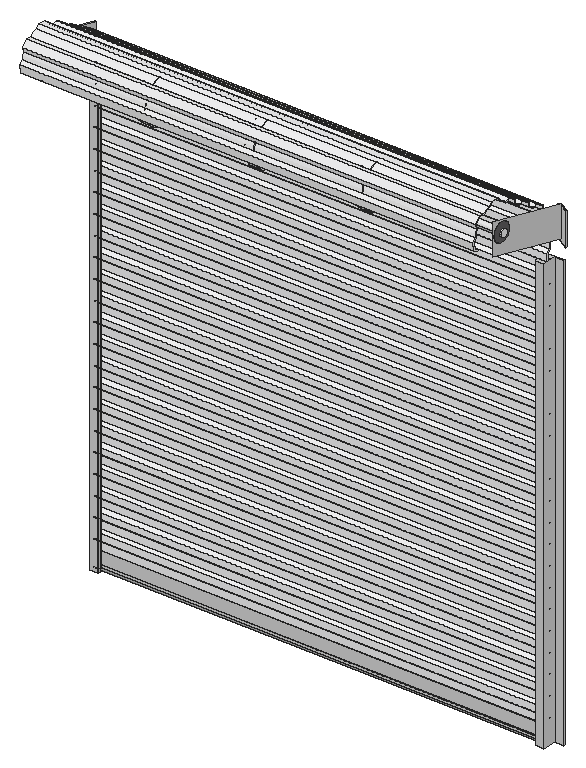
Revit family "Doors_Industrial_Wayne-Dalton_Light-Commercial-Roll-Up-Counter-Door-Model-DS-50_", category Specialty Equipment, host Wall, Revit 2019
Family settings
  Host = Wall
  Round Connector Dimension = Use Diameter
  Part Type = Normal
  OmniClass Number = 23.30.10.21.34
  OmniClass Title = Industrial Doors
  Always vertical = Yes
  Cut with Voids When Loaded = No
  Shared = No
  Room Calculation Point = No
Parameters (values of type "Manual push-up")
  True Opening Width [instance] = Clear Width  # 72"
  True Opening Height [instance] = Clear Height  # 72"
  Slat to Wall Offset = 1 35/64"  # constant formula
  Slat Height [instance] = if(Curtain Option Real = 1, 3 7/32" * 3, 3 41/256" * 3)  # 9 21/32"
  Shaft to Slat Distance [instance] = Backroom Depth - Slat to Wall Offset - BR Shaft Distance  # 11 9/256"
  Product Page URL = "https://www.wayne-dalton.com/roll-up-sheet-door-ds50"
  Slat Length [instance] = [Opening Width (Real)] + 1/4" * 2 + 1 77/256" * 2  # 75 13/128"
  Opening Width [instance] = 72"
  Opening Height [instance] = 72"
  Min Opening Width [instance] = 34"  # constant formula
  Min Opening Height [instance] = 36"  # constant formula
  Max Opening Width [instance] = 144"  # constant formula
  Max Opening Height [instance] = 72"  # constant formula
  Headroom Height [instance] = 14"  # constant formula
  Opening Width (Real) [instance] = if(Opening Width < Min Opening Width, Min Opening Width, if(Opening Width > Max Opening Width, Max Opening Width, Opening Width))  # 72"
  Opening Height (Real) [instance] = if(Opening Height < Min Opening Height, Min Opening Height, if(Opening Height > Max Opening Height, Max Opening Height, Opening Height))  # 72"
  URL = "https://www.wayne-dalton.com/"
  Product data url = "https://www.bimobject.com/wayne-dalton/product/roll-up-sheet-door-ds50"
  Product Guid = "c54daa81-a586-42c4-a279-c2612f196f0a"
  Model = "DS-50"  # constant formula
  Manufacturer = "Wayne Dalton"  # constant formula
  Wall Closure = By host
  Floor To (CL) of Shaft [instance] = [Opening Height (Real)] + 9 149/256"  # 81 149/256"
  Finish Material = Metal - Wayne Dalton - Galvanized Steel
  Description = "Model DS-50 Light Commercial Roll-Up Shutter"  # constant formula
  Curtain Type [instance] = if(Curtain Option Real = 1, "Square Profile", "Round Profile")  # "Square Profile"
  Curtain Option Real [instance] = if(Curtain Option < 2, 1, 2)  # 1
  Curtain Option [instance] = 1
  Curtain Material [instance] = Steel - Wayne Dalton - White
  Connection Offset [instance] = [Floor To (CL) of Shaft] - Array Length - 1 3/16" + 21/256" + 1/256"  # 3 59/256"
  Clear Width [instance] = [Opening Width (Real)]  # 72"
  Clear Height [instance] = [Opening Height (Real)]  # 72"
  Backroom Depth [instance] = 17"  # constant formula
  BR Shaft Distance = 4 107/256"  # constant formula
  Array Length [instance] = (Array) * Slat Height  # 77 1/4"
  Array [instance] = rounddown(([Opening Height (Real)] - 1 3/16" + 7 113/256") / Slat Height)  # 8
  Ad Slat Height [instance] = if(Curtain Option Real = 1, 3 7/32", 3 41/256")  # 3 7/32"
  Ad Slat 2 [instance] = if(Connection Offset > Ad Slat Height * 2 + 2 9/64", 1 = 1, 1 = 2)  # no
  Ad Slat 1 [instance] = if(Connection Offset > Ad Slat Height + 2 9/64", 1 = 1, 1 = 2)  # no
Reference planes (in)
  plane 1 "Center (Front/Back)": y = 0
  plane 2 "Center (Left/Right)": x = 0
  plane 3 "Left": x = -50
  plane 4 "Right": x = 50
  plane 5 "Exterior": y = 1.5
  plane 6 "Interior": y = -4.5
  plane 7: x = 36
  plane 8: x = -36
  plane 9: z = 72
  plane 10 "Top": z = 86
  plane 11 "Main": y = -5.75
  plane 12: y = -21.5
  plane 13 "Main Door Block": y = -4.5
  plane 14: z = 47.47
  plane 15 "Bottom Bar": z = 1.1046
  plane 16: x = 38.5
  plane 17: x = -38.5
  plane 18: y = -5.253
  plane 19: y = -6.048
  plane 20: z = 78.3546
  plane 21: z = 81.58203
  plane 22: z = 10.76085
  plane 23: z = 81.57335
  plane 24: y = -17.08203
Lines and regions (in)
  Opening 1
    outline origin (-90, -4.5, 0) x (1, 0, 0) y (0, 0, 1)
      loop
        line (54, 0) -> (126, 0) -> (126, 72) -> (54, 72) -> (54, 0)
Text (in)
  text "Exterior" at (-74.96733, 27.31104, 0), in view "Ref. Level"
  text "Interior" at (-74.96733, -25.14366, 0), in view "Ref. Level"
  text "Exterior" at (0, 40.15149, 123.01588), in view "Right"
  text "Interior" at (0, -64.39139, 123.01588), in view "Right"
  text "Interior" at (0, -31.01599, 123.00693), in view "Left"
  text "Exterior" at (0, 54.57065, 123.00693), in view "Left"
Dimensions and locks (in)
  equal spacing: plane 3 "Left", plane 2 "Center (Left/Right)", plane 4 "Right"
  level to host wall = 459.59655"
  "Opening Height (Real)": level to plane 9
  plane 8 to plane 2 "Center (Left/Right)" to plane 7 = 36", 36"
  "Headroom Height": plane 9 to plane 10 "Top"
  locked: plane 13 "Main Door Block" to plane 11 "Main" at 1.25
  locked: plane 1 "Center (Front/Back)" to plane 6 "Interior" at 4.5
  locked: plane 8 to plane 17 at 2.5
  locked: plane 16 to plane 7 at 2.5
  locked: plane 5 "Exterior" to plane 1 "Center (Front/Back)" at 1.5
  equal spacing: plane 7, plane 2 "Center (Left/Right)", plane 8
  locked: plane 18 to plane 11 "Main" at 0.497
  "Opening Width (Real)": plane 7 to plane 8
  "Backroom Depth": plane 12 to plane 6 "Interior"
  locked: plane 11 "Main" to plane 19 at 0.298
  plane 19 to plane 11 "Main" = 0.298"
  locked: plane 15 "Bottom Bar" to level at 1.1046
  "Array Length": plane 20 to plane 15 "Bottom Bar"
  nested 1 to nested 1 = 1/4"
  "Floor To (CL) of Shaft": plane 21 to level
  "Slat Height": plane 22 to plane 15 "Bottom Bar"
  equal spacing: group 1, group 2, group 3, group 4, group 5, group 6, group 7, group 8  (x3)
  "Ad Slat Height": plane 23 to plane 20
  plane 19 to plane 13 "Main Door Block" = 1.548"
  "BR Shaft Distance": plane 12 to plane 24
  plane 13 "Main Door Block" to nested 2 = 1.548"
  nested 2 to nested 2 = 0.13312"
  aligned and locked: Opening 1 sketch curve to level
  aligned and locked: plane 5 "Exterior" to host wall
  aligned and locked: host wall to plane 6 "Interior"
  aligned and locked: plane 8 to Opening 1 sketch curve
  aligned and locked: plane 7 to Opening 1 sketch curve
  aligned and locked: Opening 1 sketch curve to plane 9
  aligned and locked: nested 1 to plane 6 "Interior"
  aligned and locked: nested 1 to plane 2 "Center (Left/Right)"
  aligned and locked: level to nested 1
  aligned and locked: plane 13 "Main Door Block" to plane 6 "Interior"
  aligned and locked: plane 15 "Bottom Bar" to nested 2
  aligned and locked: plane 22 to nested 3
  aligned and locked: plane 19 to nested 2
  aligned and locked: plane 19 to nested 3
  aligned and locked: plane 2 "Center (Left/Right)" to nested 2
  aligned and locked: plane 2 "Center (Left/Right)" to nested 3
  aligned and locked: plane 20 to nested 10
  aligned and locked: plane 19 to nested 10
  aligned and locked: plane 2 "Center (Left/Right)" to nested 10
  aligned and locked: plane 23 to nested 11
  aligned and locked: plane 19 to nested 11
  aligned and locked: plane 2 "Center (Left/Right)" to nested 11
  aligned and locked: plane 21 to nested 12
  aligned and locked: plane 24 to nested 12
  aligned and locked: plane 2 "Center (Left/Right)" to nested 12
Nested families (in)
  nested 1: "Lifts1" at (0, -4.5, 0) x (-1, 0, 0) z (0, 0, 1), type "Frame Unit"
  nested 2: "Slat" at (0, -6.048, 1.1046), type "Slat"
    with Sq Option yes, Slat Height 9.66", R Option no, Curtain Option 1
  nested 3: "Slat" at (0, -6.048, 10.76085), type "Slat"
    with Sq Option yes, Slat Height 9.66", R Option no, Curtain Option 1
  nested 4: "Slat" at (0, -6.048, 20.4171), type "Slat"
    with Sq Option yes, Slat Height 9.66", R Option no, Curtain Option 1
  nested 5: "Slat" at (0, -6.048, 30.07335), type "Slat"
    with Sq Option yes, Slat Height 9.66", R Option no, Curtain Option 1
  nested 6: "Slat" at (0, -6.048, 39.7296), type "Slat"
    with Sq Option yes, Slat Height 9.66", R Option no, Curtain Option 1
  nested 7: "Slat" at (0, -6.048, 49.38585), type "Slat"
    with Sq Option yes, Slat Height 9.66", R Option no, Curtain Option 1
  nested 8: "Slat" at (0, -6.048, 59.0421), type "Slat"
    with Sq Option yes, Slat Height 9.66", R Option no, Curtain Option 1
  nested 9: "Slat" at (0, -6.048, 68.69835), type "Slat"
    with Sq Option yes, Slat Height 9.66", R Option no, Curtain Option 1
  nested 10: "AdSlat" at (0, -6.048, 78.3546), visible <- "Ad Slat 1", type "AdSlat"
    with Sq Option yes, Slat Height 3.22", R Option no, Curtain Option 1
  nested 11: "AdSlat" at (0, -6.048, 81.57335), visible <- "Ad Slat 2", type "AdSlat"
    with Sq Option yes, Slat Height 3.22", R Option no, Curtain Option 1
  nested 12: "Top Slat" at (0, -17.08203, 81.58203), type "Top Slat"
    with Sq 1 yes, Slat Height 3 7/32", R 1 no, Primar Offset 3 59/256", Curtain Option 1
Definition of nested family "Lifts1"
  Parameters (values of type "Frame Unit")
    Steel Support Outter Radius = 4.418" - 5/8"  # 3.793"
    Shaft Radius = 0.563"  # constant formula
    Shaft Material = none
    Setback = 1/4"  # constant formula
    Right Shaft Offset = 3 1/4"
    Resin Stopper Radius = 1 1/2"  # constant formula
    Resin Elements Material = none
    Opening Width = 72"
    Left Shaft Offset = 3 1/4"
    J Offset = Header Width - 4.418"  # 12.582"
    Headroom Height = 14"
    Header Width = 17"
    Guide Width R Real = Guid Width + Setback  # 3 1/4"
    Guide Width L Real = Guid Width + Setback  # 3 1/4"
    Guide Second Part Position = 1.43"  # constant formula
    Guid Width = 3"
    Opening Height = 72"
    Floor To (CL) of Shaft = 81 149/256"
    Finish Material = none
    Connection Brackets = 5 1/4"  # constant formula
    Bottom Bar Offset = 1.652"  # constant formula
    Analytic Construction = "<None>"
  Reference planes (in)
    plane 1 "Center (Front/Back)": y = 0
    plane 2: z = 0
    plane 3 "Center (Left/Right)": x = 0
    plane 4 "Left": x = -36
    plane 5 "Right": x = 36
    plane 6 "Opening Height": z = 72
    plane 7: x = -39.25
    plane 8: x = 39.25
    plane 9: z = 86
    plane 10: y = 17
    plane 11: x = -18
    plane 12: x = 18
    plane 13: z = 81.58203
    plane 14: y = 12.582
    plane 15: x = -37.55
    plane 16: x = 37.55
    plane 17: x = 39.25
    plane 18: x = -39.25
  Forms (in)
    Extrusion 1, solid, material <- "Finish Material"
      sketch origin (0, 0, 0) x (1, 0, 0) y (0, 1, 0)
        loop
          line (-39.25, 0) -> (-36.375, 0)
          arc (-36.375, 0) -> (-36.28661, 0.03661) -> (-36.25, 0.125) r 0.125
          line (-36.25, 0.125) -> (-36.25, 0.625)
          arc (-36.25, 0.625) -> (-36.26831, 0.66919) -> (-36.3125, 0.6875) r 0.0625
          line (-36.3125, 0.6875) -> (-37.55, 0.6875) -> (-37.55, 1.78125) -> (-36.325, 1.78125)
          arc (-36.325, 1.78125) -> (-36.27197, 1.80322) -> (-36.25, 1.85625) r 0.075
          line (-36.25, 1.85625) -> (-36.25, 2.21875)
          arc (-36.25, 2.21875) -> (-36.28661, 2.30714) -> (-36.375, 2.34375) r 0.125
          line (-36.375, 2.34375) -> (-37.68, 2.34375) -> (-37.68, 0.13) -> (-39.25, 0.13) -> (-39.25, 0)
        loop
          line (39.25, 0) -> (39.25, 0.13) -> (37.68, 0.13) -> (37.68, 2.34375) -> (36.3625, 2.34375)
          arc (36.3625, 2.34375) -> (36.28295, 2.3108) -> (36.25, 2.23125) r 0.1125
          line (36.25, 2.23125) -> (36.25, 1.85625)
          arc (36.25, 1.85625) -> (36.27197, 1.80322) -> (36.325, 1.78125) r 0.075
          line (36.325, 1.78125) -> (37.55, 1.78125) -> (37.55, 0.6875) -> (36.3125, 0.6875)
          arc (36.3125, 0.6875) -> (36.26831, 0.66919) -> (36.25, 0.625) r 0.0625
          line (36.25, 0.625) -> (36.25, 0.125)
          arc (36.25, 0.125) -> (36.28661, 0.03661) -> (36.375, 0) r 0.125
          line (36.375, 0) -> (39.25, 0)
      from 72 to 0
    Extrusion 2, solid, material <- "Finish Material"
      sketch origin (0, 0, 0) x (0, 1, 0) y (0, 0, 1)
        loop
          line (1.652, 1) -> (1.652, 3) -> (1.5475, 3) -> (1.5475, 1.1046) -> (0.152, 1.1046) -> (0.152, 1) -> (1.652, 1)
      from -37.55 to 37.55
    Extrusion 3, solid, material <- "Finish Material"
      sketch origin (0, 0, 0) x (0, 1, 0) y (0, 0, 1)
        loop
          line (0.73437, 1) -> (0.73437, 0.5)
          arc (0.73437, 0.5) -> (1.23437, 0) -> (1.73437, 0.5) r 0.5
          line (1.73437, 0.5) -> (1.73437, 1) -> (0.73437, 1)
      from -37.55 to 37.55
    Extrusion 4, solid, material <- "Shaft Material"
      sketch origin (0, 0, 0) x (0, 1, 0) y (0, 0, 1)
        loop
          circle (12.582, 81.58203) r 0.563
      from -39.25 to 39.25
    Extrusion 5, solid, material <- "Finish Material"
      sketch origin (-39.25, 0, 75.60557) x (0, 0, 1) y (-1, 0, 0)
        loop
          line (-0.70563, -77.75) -> (-1.57492, -78.75) -> (3.83986, -78.75) -> (4.54437, -77.88) -> (4.54437, -77.75) -> (-0.70563, -77.75)
        loop
          line (-0.70563, -0.75) -> (4.54437, -0.75) -> (4.54437, -0.62) -> (3.83986, 0.25) -> (-1.57492, 0.25) -> (-0.70563, -0.75)
      from 0 to -0.13
    Extrusion 6, solid, material <- "Finish Material"
      sketch origin (-39.25, 0, 72) x (0, 0, 1) y (0, -1, 0)
        loop
          line (11.66098, -14.082) -> (8.14994, 0) -> (2.99687, 0) -> (6.50791, -14.082) -> (11.66098, -14.082)
      from 0.62 to 0.75
    Extrusion 7, solid, material <- "Finish Material"
      sketch origin (39.25, 0, 72) x (0, 0, 1) y (0, -1, 0)
        loop
          line (11.66098, -14.082) -> (8.14994, 0) -> (2.99687, 0) -> (6.50791, -14.082) -> (11.66098, -14.082)
      from -0.62 to -0.75
    Extrusion 8, solid, material <- "Resin Elements Material"
      sketch origin (-39.25, 0, 72) x (0, 0, 1) y (0, -1, 0)
        loop
          circle (9.58203, -12.582) r 1.5
      from 0.37 to 0.62
    Extrusion 9, solid, material <- "Resin Elements Material"
      sketch origin (39.25, 0, 72) x (0, 0, 1) y (0, -1, 0)
        loop
          circle (9.58203, -12.582) r 1.5
      from -0.37 to -0.62
    Extrusion 10, void
      sketch origin (0, 0, 0) x (1, 0, 0) y (0, 1, 0)
        loop
          line (36, -0.3125) -> (37.55, -0.3125) -> (37.55, 0.6875) -> (36, 0.6875) -> (36, -0.3125)
        loop
          line (-36, -0.3125) -> (-36, 0.6875) -> (-37.55, 0.6875) -> (-37.55, -0.3125) -> (-36, -0.3125)
      from 0 to 2.125
    Extrusion 11, solid, material <- "Shaft Material"
      sketch origin (18, -180, 76.25522) x (0, 0, 1) y (0, -1, 0)
        loop
          circle (5.32681, -192.582) r 3.793
        loop
          circle (5.32681, -192.582) r 0.563
      from -0.753 to 0.753
    Extrusion 12, solid, material <- "Shaft Material"
      sketch origin (0, 0, 0) x (0, 1, 0) y (0, 0, 1)
        loop
          circle (12.582, 81.58203) r 3.793
        loop
          circle (12.582, 81.58203) r 0.563
      from -0.753 to 0.753
    Extrusion 13, solid, material <- "Shaft Material"
      sketch origin (-18, -180, -24) x (0, 0, -1) y (0, -1, 0)
        loop
          circle (-105.58203, -192.582) r 3.793
        loop
          circle (-105.58203, -192.582) r 0.563
      from -0.753 to 0.753
  Cuts and joins
    joined: Extrusion 5, Extrusion 6, Extrusion 7
    Extrusion 10 cuts Extrusion 2
  Lines and regions (in)
    Masking region 1
      outline origin (0, 0, 0) x (1, 0, 0) y (0, 1, 0)
        loop
          line (-38.88, 14.082) -> (-38.88, 11.082) -> (-38.63, 11.082) -> (-38.63, 14.082) -> (-38.88, 14.082)
        loop
          line (38.88, 11.082) -> (38.88, 14.082) -> (38.63, 14.082) -> (38.63, 11.082) -> (38.88, 11.082)
    Masking region 2
      outline origin (0, 0, 0) x (1, 0, 0) y (0, 1, 0)
        loop
          line (-38.63, 14.082) -> (-38.63, 0.13) -> (-39.5, 0.13) -> (-39.5, 0) -> (-38.5, 0) -> (-38.5, 14.082) -> (-38.63, 14.082)
        loop
          line (38.63, 0.13) -> (38.63, 14.082) -> (38.5, 14.082) -> (38.5, 0) -> (39.5, 0) -> (39.5, 0.13) -> (38.63, 0.13)
        loop
          line (-38.88, 13.145) -> (-39.25, 13.145) -> (-39.25, 12.019) -> (-38.88, 12.019) -> (-38.88, 13.145)
        loop
          line (38.88, 12.019) -> (39.25, 12.019) -> (39.25, 13.145) -> (38.88, 13.145) -> (38.88, 12.019)
    Masking region 3
      outline origin (0, 0, 0) x (1, 0, 0) y (0, 1, 0)
        loop
          line (-36.375, 2.34375) -> (-37.68, 2.34375) -> (-37.68, 0.13) -> (-38.5, 0.13) -> (-38.5, 0) -> (-36.375, 0)
          arc (-36.375, 0) -> (-36.28661, 0.03661) -> (-36.25, 0.125) r 0.125
          line (-36.25, 0.125) -> (-36.25, 0.625)
          arc (-36.25, 0.625) -> (-36.26831, 0.66919) -> (-36.3125, 0.6875) r 0.0625
          line (-36.3125, 0.6875) -> (-37.55, 0.6875) -> (-37.55, 1.78125) -> (-36.325, 1.78125)
          arc (-36.325, 1.78125) -> (-36.27197, 1.80322) -> (-36.25, 1.85625) r 0.075
          line (-36.25, 1.85625) -> (-36.25, 2.21875)
          arc (-36.25, 2.21875) -> (-36.28661, 2.30714) -> (-36.375, 2.34375) r 0.125
        loop
          line (37.55, 1.78125) -> (37.55, 0.6875) -> (36.3125, 0.6875)
          arc (36.3125, 0.6875) -> (36.26831, 0.66919) -> (36.25, 0.625) r 0.0625
          line (36.25, 0.625) -> (36.25, 0.125)
          arc (36.25, 0.125) -> (36.28661, 0.03661) -> (36.375, 0) r 0.125
          line (36.375, 0) -> (38.5, 0) -> (38.5, 0.13) -> (37.68, 0.13) -> (37.68, 2.34375) -> (36.3625, 2.34375)
          arc (36.3625, 2.34375) -> (36.28295, 2.3108) -> (36.25, 2.23125) r 0.1125
          line (36.25, 2.23125) -> (36.25, 1.85625)
          arc (36.25, 1.85625) -> (36.27197, 1.80322) -> (36.325, 1.78125) r 0.075
          line (36.325, 1.78125) -> (37.55, 1.78125)
    Masking region 4
      outline origin (0, 0, 0) x (1, 0, 0) y (0, 1, 0)
        loop
          line (-39.25, 12.019) -> (39.25, 12.019) -> (39.25, 13.145) -> (-39.25, 13.145) -> (-39.25, 12.019)
    reference lines
      curve 1: line (39.25, 0, 72) -> (39.25, 0, 81.583)
      curve 2: line (-39.25, 0, 72) -> (-39.25, 0, 81.583)
  Dimensions and locks (in)
    equal spacing: plane 4 "Left", plane 3 "Center (Left/Right)", plane 5 "Right"
    "Opening Width": plane 4 "Left" to plane 5 "Right"
    "Opening Height": plane 6 "Opening Height" to level
    "Guide Width L Real": Extrusion 1 sketch curve to plane 4 "Left"
    locked: Extrusion 1 sketch curve to Extrusion 1 sketch curve at 2.34375
    "Headroom Height": plane 9 to plane 6 "Opening Height"
    plane 10 to plane 1 "Center (Front/Back)" = 17"
    "Header Width": plane 10 to plane 1 "Center (Front/Back)"
    locked: Extrusion 1 sketch curve to Extrusion 1 sketch curve at 0.5625
    locked: Extrusion 1 sketch curve to Extrusion 1 sketch curve at 0.6875
    locked: Extrusion 3 sketch curve to level at 1
    locked: Extrusion 10 sketch curve to plane 1 "Center (Front/Back)" at 0.3125  (x2)
    locked: plane 1 "Center (Front/Back)" to Extrusion 10 sketch curve at 0.6875
    equal spacing: plane 4 "Left", plane 11, plane 3 "Center (Left/Right)"
    equal spacing: plane 5 "Right", plane 12, plane 3 "Center (Left/Right)"
    "Floor To (CL) of Shaft": plane 13 to plane 2
    "J Offset": plane 14 to plane 1 "Center (Front/Back)"
    locked: curve 1 to curve 1 at 9.583
    locked: curve 2 to curve 2 at 9.583
    "Setback": Extrusion 1 sketch curve to plane 4 "Left"
    locked: Extrusion 1 sketch curve to Extrusion 1 sketch curve at 1.3
    Extrusion 1 sketch curve to Extrusion 1 sketch curve = 1.3"
    "Setback": plane 5 "Right" to Extrusion 1 sketch curve
    "Guide Width R Real": plane 5 "Right" to Extrusion 1 sketch curve
    locked: plane 15 to plane 4 "Left" at 1.55
    locked: plane 5 "Right" to plane 16 at 1.55
    "Guide Width R Real": plane 5 "Right" to plane 17
    "Guide Width L Real": plane 18 to plane 4 "Left"
    "Left Shaft Offset": plane 7 to plane 4 "Left"
    "Right Shaft Offset": plane 5 "Right" to plane 8
    equal spacing: Masking region 1 sketch curve, plane 14, Masking region 1 sketch curve
    "Resin Stopper Radius": plane 14 to Masking region 1 sketch curve
    equal spacing: Masking region 2 sketch curve, plane 14, Masking region 2 sketch curve  (x2)
    "Shaft Radius": plane 14 to Masking region 2 sketch curve
    "Shaft Radius": Masking region 2 sketch curve to plane 14
    locked: plane 1 "Center (Front/Back)" to Extrusion 3 sketch curve at 0.73437
    locked: Extrusion 3 sketch curve to Extrusion 3 sketch curve at 1
    locked: plane 14 to Extrusion 7 sketch curve at 1.5
    locked: plane 14 to Extrusion 6 sketch curve at 1.5
    locked: Extrusion 5 sketch curve to curve 1 at 0.75
    locked: Extrusion 5 sketch curve to curve 2 at 0.75
    locked: plane 13 to Extrusion 7 sketch curve at 1.43209
    locked: plane 13 to Extrusion 6 sketch curve at 1.43209
    locked: Extrusion 6 sketch curve to Extrusion 6 sketch curve at 5
    locked: Extrusion 5 sketch curve to Extrusion 5 sketch curve at 1  (x2)
    locked: Extrusion 5 sketch curve to Extrusion 5 sketch curve at 0.13  (x2)
    locked: Extrusion 7 sketch curve to plane 13 at 2.07895
    locked: Extrusion 7 sketch curve to Extrusion 7 sketch curve at 5
    locked: Extrusion 6 sketch curve to plane 13 at 2.07895
    locked: plane 13 to Extrusion 5 sketch curve at 1.43209  (x2)
    "Connection Brackets": Extrusion 5 sketch curve to Extrusion 5 sketch curve  (x2)
    "Guide Second Part Position": Extrusion 1 sketch curve to Extrusion 1 sketch curve  (x2)
    locked: Extrusion 1 sketch curve to Extrusion 1 sketch curve at 0.13  (x2)
    locked: Extrusion 2 sketch curve to Extrusion 2 sketch curve at 1.5
    locked: Extrusion 2 sketch curve to level at 1
    Extrusion 2 sketch curve to Extrusion 2 sketch curve = 2"
    locked: Extrusion 2 sketch curve to Extrusion 2 sketch curve at 0.1046
    locked: Extrusion 2 sketch curve to Extrusion 2 sketch curve at 0.1045
    "Bottom Bar Offset": plane 1 "Center (Front/Back)" to Extrusion 2 sketch curve
    locked: Extrusion 3 sketch curve to level at 0.5
    plane 9 to plane 13 = 4 107/256"
    equal spacing: Masking region 4 sketch curve, plane 14, Masking region 4 sketch curve
    "Shaft Radius": Masking region 4 sketch curve to plane 14
    radius of Extrusion 1 sketch curve = 1/16"  (x2)
    radius of Extrusion 1 sketch curve = 1/8"  (x3)
    radius of Extrusion 1 sketch curve = 0.075"  (x2)
    radius of Extrusion 1 sketch curve = 0.1125"
    "Shaft Radius": radius of Extrusion 4 sketch curve
    "Resin Stopper Radius": radius of Extrusion 8 sketch curve
    "Resin Stopper Radius": radius of Extrusion 9 sketch curve
    "Shaft Radius": radius of Extrusion 11 sketch curve
    "Steel Support Outter Radius": radius of Extrusion 11 sketch curve
    "Shaft Radius": radius of Extrusion 12 sketch curve
    "Steel Support Outter Radius": radius of Extrusion 12 sketch curve
    "Shaft Radius": radius of Extrusion 13 sketch curve
    "Steel Support Outter Radius": radius of Extrusion 13 sketch curve
    locked: Extrusion 5 sketch curve to Extrusion 5 sketch curve (angle 129.00°)  (x2)
    locked: Extrusion 5 sketch curve to Extrusion 5 sketch curve (angle 131.00°)  (x2)
    aligned and locked: plane 2 to level
    aligned and locked: plane 1 "Center (Front/Back)" to Extrusion 1 sketch curve
    aligned and locked: Extrusion 1 sketch curve to plane 1 "Center (Front/Back)"
    aligned and locked: Extrusion 1 sketch curve to Extrusion 1 sketch curve  (x5)
    aligned and locked: plane 7 to Extrusion 4
    aligned and locked: Extrusion 4 to plane 8
    aligned and locked: plane 6 "Opening Height" to Extrusion 1
    aligned and locked: Extrusion 10 sketch curve to plane 5 "Right"
    aligned and locked: Extrusion 10 sketch curve to plane 4 "Left"
    aligned and locked: Extrusion 10 sketch curve to Extrusion 10 sketch curve
    aligned and locked: plane 13 to Extrusion 4 sketch curve
    aligned and locked: plane 14 to Extrusion 4 sketch curve
    aligned and locked: plane 14 to Extrusion 8 sketch curve
    aligned and locked: plane 13 to Extrusion 8 sketch curve
    aligned and locked: plane 14 to Extrusion 9 sketch curve
    aligned and locked: plane 13 to Extrusion 9 sketch curve
    aligned and locked: plane 6 "Opening Height" to curve 1
    aligned and locked: plane 6 "Opening Height" to curve 2
    aligned and locked: Extrusion 10 sketch curve to plane 15
    aligned and locked: plane 15 to Extrusion 3
    aligned and locked: plane 15 to cut or joined group of Extrusion 2, Extrusion 10
    aligned and locked: Extrusion 3 to plane 16
    aligned and locked: cut or joined group of Extrusion 2, Extrusion 10 to plane 16
    aligned and locked: Extrusion 10 sketch curve to plane 16
    aligned and locked: curve 1 to plane 17
    aligned and locked: curve 2 to plane 18
    aligned and locked: Masking region 1 sketch curve to Extrusion 8  (x2)
    aligned and locked: Masking region 1 sketch curve to Extrusion 9  (x2)
    aligned and locked: Masking region 1 sketch curve to Masking region 1 sketch curve  (x2)
    aligned and locked: cut or joined group of Extrusion 5, Extrusion 6, Extrusion 7 to Masking region 2 sketch curve  (x5)
    aligned and locked: Masking region 2 sketch curve to cut or joined group of Extrusion 5, Extrusion 6, Extrusion 7  (x7)
    aligned and locked: Extrusion 1 to Masking region 3 sketch curve  (x2)
    aligned and locked: Masking region 3 sketch curve to Extrusion 1  (x14)
    aligned and locked: plane 1 "Center (Front/Back)" to Extrusion 7 sketch curve
    aligned and locked: plane 1 "Center (Front/Back)" to Extrusion 6 sketch curve
    aligned and locked: Masking region 2 sketch curve to plane 8
    aligned and locked: plane 7 to Masking region 2 sketch curve
    aligned and locked: Extrusion 8 to Masking region 2 sketch curve
    aligned and locked: Extrusion 9 to Masking region 2 sketch curve
    aligned and locked: Masking region 3 sketch curve to cut or joined group of Extrusion 5, Extrusion 6, Extrusion 7
    aligned and locked: cut or joined group of Extrusion 5, Extrusion 6, Extrusion 7 to Masking region 3 sketch curve
    aligned and locked: plane 14 to Extrusion 12 sketch curve  (x2)
    aligned and locked: plane 13 to Extrusion 12 sketch curve  (x2)
    aligned and locked: plane 13 to Extrusion 11 sketch curve  (x2)
    aligned and locked: plane 14 to Extrusion 11 sketch curve  (x2)
    aligned and locked: plane 14 to Extrusion 13 sketch curve  (x2)
    aligned and locked: plane 13 to Extrusion 13 sketch curve  (x2)
    aligned and locked: Masking region 4 sketch curve to plane 7
    aligned and locked: Masking region 4 sketch curve to plane 8
Definition of nested family "Slat"
  Parameters (values of type "Slat")
    Sq Option = if(Curtain Option = 1, 1 = 1, 1 = 2)  # no
    Slat Height = if(Curtain Option = 1, 3.22" * 3, 3.16" * 3)  # 9.48"
    R Option = not(Sq Option)  # yes
    Panel Material = none
    Opening Width = 75 13/128"
    Default Elevation = 48"
    Curtain Option = 2
  Reference planes (in)
    plane 1 "Center (Front/Back)": y = 0
    plane 2: z = 0
    plane 3 "Center (Left/Right)": x = 0
    plane 4: z = 9.48
    plane 5: x = -37.55078
    plane 6: x = 37.55078
  Forms (in)
    Extrusion 1, solid, material <- "Panel Material", visible <- "Sq Option"
      sketch origin (0, 0, 0) x (0, 0, 1) y (0, -1, 0)
        loop
          line (1.5362, -0.5962) -> (2.83682, -0.5962) -> (3.24093, -0.04) -> (4.3521, -0.04) -> (4.7562, -0.5962) -> (6.05682, -0.5962) -> (6.46093, -0.04) -> (7.5721, -0.04) -> (7.9762, -0.5962) -> (9.27682, -0.5962) -> (9.68093, -0.04) -> (9.66, 0) -> (9.2559, -0.5562) -> (7.99658, -0.5562) -> (7.59248, 0) -> (6.44, 0) -> (6.0359, -0.5562) -> (4.77658, -0.5562) -> (4.37248, 0) -> (3.22, 0) -> (2.8159, -0.5562) -> (1.55658, -0.5562) -> (1.15248, 0) -> (0, 0) -> (0, -0.04) -> (1.1321, -0.04) -> (1.5362, -0.5962)
      from -37.55078 to 37.55078
    Extrusion 2, solid, material <- "Panel Material", visible <- "R Option"
      sketch origin (0, 0, 0) x (0, 0, 1) y (0, -1, 0)
        loop
          arc (0.99662, -0.13102) -> (0.81086, 0) -> (0.62661, -0.13312) r 0.19562
          line (0.62661, -0.13312) -> (0, -0.13312) -> (0, -0.18138) -> (0.6653, -0.18138)
          arc (0.6653, -0.18138) -> (0.79435, -0.04931) -> (0.95107, -0.14695) r 0.14737
          arc (0.95107, -0.14695) -> (1.5846, -0.59649) -> (2.21812, -0.14695) r 0.67117
          arc (2.21812, -0.14695) -> (2.37484, -0.04931) -> (2.50389, -0.18138) r 0.14737
          line (2.50389, -0.18138) -> (3.8253, -0.18138)
          arc (3.8253, -0.18138) -> (3.95435, -0.04931) -> (4.11107, -0.14695) r 0.14737
          arc (4.11107, -0.14695) -> (4.7446, -0.59649) -> (5.37812, -0.14695) r 0.67117
          arc (5.37812, -0.14695) -> (5.53484, -0.04931) -> (5.66389, -0.18138) r 0.14737
          line (5.66389, -0.18138) -> (6.9853, -0.18138)
          arc (6.9853, -0.18138) -> (7.11435, -0.04931) -> (7.27107, -0.14695) r 0.14737
          arc (7.27107, -0.14695) -> (7.9046, -0.59649) -> (8.53812, -0.14695) r 0.67117
          arc (8.53812, -0.14695) -> (8.69484, -0.04931) -> (8.82389, -0.18138) r 0.14737
          line (8.82389, -0.18138) -> (9.48, -0.18138) -> (9.48, -0.13312) -> (8.86258, -0.13312)
          arc (8.86258, -0.13312) -> (8.67833, 0) -> (8.49257, -0.13102) r 0.19562
          arc (8.49257, -0.13102) -> (7.9046, -0.54824) -> (7.31662, -0.13102) r 0.62292
          arc (7.31662, -0.13102) -> (7.13086, 0) -> (6.94661, -0.13312) r 0.19562
          line (6.94661, -0.13312) -> (5.70258, -0.13312)
          arc (5.70258, -0.13312) -> (5.51833, 0) -> (5.33257, -0.13102) r 0.19562
          arc (5.33257, -0.13102) -> (4.7446, -0.54824) -> (4.15662, -0.13102) r 0.62292
          arc (4.15662, -0.13102) -> (3.97086, 0) -> (3.78661, -0.13312) r 0.19562
          line (3.78661, -0.13312) -> (2.54258, -0.13312)
          arc (2.54258, -0.13312) -> (2.35833, 0) -> (2.17257, -0.13102) r 0.19562
          arc (2.17257, -0.13102) -> (1.5846, -0.54824) -> (0.99662, -0.13102) r 0.62292
      from -37.55078 to 37.55078
  Lines and regions (in)
    reference lines
      curve 1: line (0, 0, 0) -> (0, 0, 9)
  Dimensions and locks (in)
    "Slat Height": plane 4 to plane 2
    equal spacing: plane 5, plane 3 "Center (Left/Right)", plane 6
    "Opening Width": plane 5 to plane 6
    locked: curve 1 to curve 1 at 9
    aligned and locked: plane 2 to level
    aligned and locked: plane 5 to Extrusion 1
    aligned and locked: plane 6 to Extrusion 1
    aligned and locked: level to curve 1
    aligned and locked: curve 1 to plane 1 "Center (Front/Back)"
    aligned and locked: plane 6 to Extrusion 2
    aligned and locked: plane 5 to Extrusion 2
  Automatic sketch dimensions
    curve 1 to Extrusion 1 sketch curve = 0"  (x2)
    Extrusion 1 sketch curve to curve 1 = 0"  (x2)
    Extrusion 1 sketch curve to curve 1 = 0.04"
    Extrusion 1 sketch curve to Extrusion 1 sketch curve = 1.1321"  (x2)
    Extrusion 1 sketch curve to Extrusion 1 sketch curve = 0.02038"  (x6)
    Extrusion 1 sketch curve to Extrusion 1 sketch curve = 0.4041"  (x6)
    curve 1 to Extrusion 1 sketch curve = 0.5562"  (x2)
    Extrusion 1 sketch curve to Extrusion 1 sketch curve = 1.25932"  (x3)
    curve 1 to Extrusion 1 sketch curve = 0.5962"  (x2)
    Extrusion 1 sketch curve to Extrusion 1 sketch curve = 0.02093"  (x6)
    curve 1 to Extrusion 1 sketch curve = 0.04"
    Extrusion 1 sketch curve to Extrusion 1 sketch curve = 1.11117"
    Extrusion 1 sketch curve to Extrusion 1 sketch curve = 0"
    Extrusion 1 sketch curve to Extrusion 1 sketch curve = 0.04"  (x3)
    Extrusion 1 sketch curve to Extrusion 1 sketch curve = 0.5162"
    Extrusion 2 sketch curve to Extrusion 2 sketch curve = 0"  (x24)
    curve 1 to Extrusion 2 sketch curve = 0"
    Extrusion 2 sketch curve to curve 1 = 0.18138"
    Extrusion 2 sketch curve to curve 1 = 0.13312"
    Extrusion 2 sketch curve to Extrusion 2 sketch curve = 0.62661"
    Extrusion 2 sketch curve to Extrusion 2 sketch curve = 0.03869"  (x6)
    Extrusion 2 sketch curve to Extrusion 2 sketch curve = 0.14668"  (x6)
    Extrusion 2 sketch curve to curve 1 = 0.07468"  (x3)
    Extrusion 2 sketch curve to Extrusion 2 sketch curve = 0.77262"  (x5)
    curve 1 to Extrusion 2 sketch curve = 0.19561"  (x5)
    curve 1 to Extrusion 2 sketch curve = 0.13312"  (x2)
    Extrusion 2 sketch curve to Extrusion 2 sketch curve = 1.24402"  (x2)
    Extrusion 2 sketch curve to curve 1 = 0.32278"
    Extrusion 2 sketch curve to Extrusion 2 sketch curve = 0.01424"  (x2)
    Extrusion 2 sketch curve to Extrusion 2 sketch curve = 0.04825"  (x3)
    curve 1 to Extrusion 2 sketch curve = 0.48"
Definition of nested family "AdSlat"
  Parameters (values of type "AdSlat")
    Sq Option = if(Curtain Option = 1, 1 = 1, 1 = 2)  # no
    Slat Height = if(Curtain Option = 1, 3.22", 3.16")  # 3.16"
    R Option = not(Sq Option)  # yes
    Panel Material = none
    Opening Width = 75 13/128"
    Default Elevation = 48"
    Curtain Option = 2
  Reference planes (in)
    plane 1 "Center (Front/Back)": y = 0
    plane 2: z = 0
    plane 3 "Center (Left/Right)": x = 0
    plane 4: z = 3.16
    plane 5: x = -37.55078
    plane 6: x = 37.55078
  Forms (in)
    Extrusion 1, solid, material <- "Panel Material", visible <- "Sq Option"
      sketch origin (0, 0, 0) x (0, 0, 1) y (0, -1, 0)
        loop
          line (1.5362, -0.5962) -> (2.83682, -0.5962) -> (3.22, -0.0688) -> (3.22, 0) -> (2.8159, -0.5562) -> (1.55658, -0.5562) -> (1.15248, 0) -> (0, 0) -> (0, -0.04) -> (1.1321, -0.04) -> (1.5362, -0.5962)
      from -37.55078 to 37.55078
    Extrusion 2, solid, material <- "Panel Material", visible <- "R Option"
      sketch origin (0, 0, 0) x (0, 0, 1) y (0, -1, 0)
        loop
          arc (0.99662, -0.13102) -> (0.81086, 0) -> (0.62661, -0.13312) r 0.19562
          line (0.62661, -0.13312) -> (0, -0.13312) -> (0, -0.18138) -> (0.6653, -0.18138)
          arc (0.6653, -0.18138) -> (0.79435, -0.04931) -> (0.95107, -0.14695) r 0.14737
          arc (0.95107, -0.14695) -> (1.5846, -0.59649) -> (2.21812, -0.14695) r 0.67117
          arc (2.21812, -0.14695) -> (2.37484, -0.04931) -> (2.50389, -0.18138) r 0.14737
          line (2.50389, -0.18138) -> (3.16, -0.18138) -> (3.16, -0.13312) -> (2.54258, -0.13312)
          arc (2.54258, -0.13312) -> (2.35833, 0) -> (2.17257, -0.13102) r 0.19562
          arc (2.17257, -0.13102) -> (1.5846, -0.54824) -> (0.99662, -0.13102) r 0.62292
      from -37.55078 to 37.55078
  Lines and regions (in)
    reference lines
      curve 1: line (0, 0, 0) -> (0, 0, 9)
  Dimensions and locks (in)
    "Slat Height": plane 4 to plane 2
    equal spacing: plane 5, plane 3 "Center (Left/Right)", plane 6
    "Opening Width": plane 5 to plane 6
    locked: curve 1 to curve 1 at 9
    aligned and locked: plane 2 to level
    aligned and locked: plane 5 to Extrusion 1
    aligned and locked: plane 6 to Extrusion 1
    aligned and locked: level to curve 1
    aligned and locked: curve 1 to plane 1 "Center (Front/Back)"
    aligned and locked: plane 6 to Extrusion 2
    aligned and locked: plane 5 to Extrusion 2
  Automatic sketch dimensions
    Extrusion 2 sketch curve to Extrusion 2 sketch curve = 0"  (x8)
    curve 1 to Extrusion 2 sketch curve = 0"
    Extrusion 2 sketch curve to curve 1 = 0.18138"
    Extrusion 2 sketch curve to curve 1 = 0.13312"
    Extrusion 2 sketch curve to Extrusion 2 sketch curve = 0.62661"
    Extrusion 2 sketch curve to Extrusion 2 sketch curve = 0.03869"  (x2)
    Extrusion 2 sketch curve to Extrusion 2 sketch curve = 0.14668"  (x2)
    Extrusion 2 sketch curve to curve 1 = 0.07468"
    Extrusion 2 sketch curve to Extrusion 2 sketch curve = 0.77262"  (x2)
    curve 1 to Extrusion 2 sketch curve = 0.19561"
    curve 1 to Extrusion 2 sketch curve = 0.13312"
    Extrusion 2 sketch curve to Extrusion 2 sketch curve = 0.61742"
    Extrusion 2 sketch curve to Extrusion 2 sketch curve = 0.01424"
    Extrusion 2 sketch curve to Extrusion 2 sketch curve = 0.04825"
    curve 1 to Extrusion 1 sketch curve = 0"
    Extrusion 1 sketch curve to curve 1 = 0"  (x2)
    Extrusion 1 sketch curve to curve 1 = 0.04"
    Extrusion 1 sketch curve to Extrusion 1 sketch curve = 1.1321"
    Extrusion 1 sketch curve to Extrusion 1 sketch curve = 0.02038"  (x2)
    Extrusion 1 sketch curve to Extrusion 1 sketch curve = 0.4041"  (x2)
    curve 1 to Extrusion 1 sketch curve = 0.5562"
    Extrusion 1 sketch curve to Extrusion 1 sketch curve = 1.25932"
    Extrusion 1 sketch curve to Extrusion 1 sketch curve = 0.02093"
    curve 1 to Extrusion 1 sketch curve = 0.0688"
    Extrusion 1 sketch curve to Extrusion 1 sketch curve = 0.04"
Definition of nested family "Top Slat"
  Parameters (values of type "Top Slat")
    Sq 3 = if(H3, if(Curtain Option = 1, 1 = 1, 1 = 2), 1 = 2)  # no
    Sq 2 = if(H2, if(Curtain Option = 1, 1 = 1, 1 = 2), 1 = 2)  # no
    Sq 1 = if(H1, if(Curtain Option = 1, 1 = 1, 1 = 2), 1 = 2)  # no
    Slat Height = 3 41/256"
    Shaft to Slat Position 2 = Shaft to Slat Position + 0.133"  # 11.166"
    Shaft to Slat Position = 11.033"
    R 3 = if(H3, not(Sq 3), 1 = 2)  # no
    R 2 = if(H2, not(Sq 2), 1 = 2)  # no
    R 1 = if(H1, not(Sq 1), 1 = 2)  # yes
    Primar Offset = 4 163/256"
    Panel Material = none
    Opening Width = 75 13/128"
    Offset 2 = if(Primar Offset > Slat Height * 2 + 2.175", Slat Height, 0")  # 0"
    Offset 1 = if(Primar Offset > Slat Height + 2.175", Slat Height, 0")  # 0"
    Headroom Width = 17"
    Headroom Height = 14"
    H3 = 1 = 2  # no
    H2 = 1 = 2  # no
    H1 = yes
    Default Elevation = 48"
    Curtain Option = 2
  Reference planes (in)
    plane 1 "Center (Front/Back)": y = 0
    plane 2: z = 0
    plane 3 "Center (Left/Right)": x = 0
    plane 4: x = -37.55078
    plane 5: x = 37.55078
    plane 6: y = -4.39453
    plane 7: y = 12.60547
    plane 8: y = 11.60547
  Forms (in)
    Extrusion 1, solid, material <- "Panel Material", visible <- "Sq 1"
      sketch origin (0, 0, 0) x (0, 0, 1) y (0, -1, 0)
        loop
          line (1.22821, -5.43827) -> (1.86408, -4.36761) -> (2.54865, -4.30419) -> (3.2128, -3.18591) -> (2.91348, -2.49069)
          arc (2.91348, -2.49069) -> (3.32072, -1.91434) -> (3.6154, -1.27309) r 3.833
          line (3.6154, -1.27309) -> (4.21555, -0.88615) -> (4.28789, 0.41246) -> (3.73443, 0.86367)
          arc (3.73443, 0.86367) -> (3.50791, 1.54482) -> (3.15836, 2.17179) r 3.833
          line (3.15836, 2.17179) -> (3.19916, 2.8847) -> (2.19234, 3.70807) -> (1.50171, 3.52658)
          arc (1.50171, 3.52658) -> (0.96736, 3.70892) -> (0.41201, 3.81079) r 3.833
          line (0.41201, 3.81079) -> (-0.102, 4.30648) -> (-1.38271, 4.07974) -> (-1.69495, 3.43842) -> (-1.6647, 3.40817) -> (-1.35513, 4.044) -> (-0.11509, 4.26354) -> (0.39413, 3.77247)
          arc (0.39413, 3.77247) -> (0.95761, 3.67013) -> (1.49926, 3.48412) r 3.793
          line (1.49926, 3.48412) -> (2.18322, 3.66386) -> (3.15806, 2.86664) -> (3.11764, 2.16037)
          arc (3.11764, 2.16037) -> (3.47145, 1.52837) -> (3.69867, 0.84065) r 3.793
          line (3.69867, 0.84065) -> (4.24679, 0.39379) -> (4.17675, -0.86357) -> (3.58219, -1.24692)
          arc (3.58219, -1.24692) -> (3.28314, -1.89942) -> (2.86653, -2.48392) r 3.793
          line (2.86653, -2.48392) -> (3.16772, -3.18348) -> (2.52467, -4.26624) -> (1.8401, -4.32966) -> (1.18314, -5.43584) -> (1.455, -6.0673) -> (0.81195, -7.15006) -> (0.12738, -7.21348) -> (-0.52958, -8.31966) -> (-0.25772, -8.95112) -> (-0.90077, -10.03387) -> (-1.58534, -10.0973) -> (-2.14106, -11.033) -> (-4.63672, -11.033) -> (-4.63672, -11.07256) -> (-2.11803, -11.07256) -> (-1.56136, -10.13525) -> (-0.87679, -10.07182) -> (-0.21264, -8.95355) -> (-0.48451, -8.32209) -> (0.15136, -7.25143) -> (0.83593, -7.188) -> (1.50008, -6.06973) -> (1.22821, -5.43827)
      from -37.55078 to 37.55078
    Extrusion 2, solid, material <- "Panel Material", visible <- "R 1"
      sketch origin (0, 0, 0) x (0, 0, 1) y (0, -1, 0)
        loop
          arc (-1.51304, -10.23932) -> (-1.72054, -10.33213) -> (-1.70017, -10.55853) r 0.19562
          line (-1.70017, -10.55853) -> (-2.06095, -11.166) -> (-4.63672, -11.166) -> (-4.63672, -11.214) -> (-2.03333, -11.214) -> (-1.63892, -10.5499)
          arc (-1.63892, -10.5499) -> (-1.68658, -10.37151) -> (-1.52259, -10.28662) r 0.14737
          arc (-1.52259, -10.28662) -> (-0.81258, -9.97147) -> (-0.87559, -9.19722) r 0.67117
          arc (-0.87559, -9.19722) -> (-0.87952, -9.01261) -> (-0.70007, -8.96909) r 0.14737
          line (-0.70007, -8.96909) -> (-0.02531, -7.83295)
          arc (-0.02531, -7.83295) -> (-0.07296, -7.65455) -> (0.09102, -7.56966) r 0.14737
          arc (0.09102, -7.56966) -> (0.80103, -7.25452) -> (0.73802, -6.48026) r 0.67117
          arc (0.73802, -6.48026) -> (0.7341, -6.29565) -> (0.91355, -6.25213) r 0.14737
          line (0.91355, -6.25213) -> (1.60239, -5.09229)
          arc (1.60239, -5.09229) -> (1.55474, -4.91389) -> (1.71872, -4.829) r 0.14737
          arc (1.71872, -4.829) -> (2.42873, -4.51386) -> (2.36572, -3.73961) r 0.67117
          arc (2.36572, -3.73961) -> (2.36179, -3.55499) -> (2.54124, -3.51148) r 0.14737
          arc (2.54124, -3.51148) -> (3.10773, -2.81189) -> (3.55701, -2.03184) r 5.69989
          arc (3.55701, -2.03184) -> (3.45003, -1.87317) -> (3.58996, -1.74263) r 0.14737
          arc (3.58996, -1.74263) -> (4.20307, -1.26563) -> (3.95529, -0.52939) r 0.67117
          arc (3.95529, -0.52939) -> (3.90831, -0.34821) -> (4.07699, -0.26708) r 0.14737
          arc (4.07699, -0.26708) -> (4.07884, 0.59271) -> (3.84459, 1.41998) r 3.10172
          arc (3.84459, 1.41998) -> (3.65329, 1.43808) -> (3.64251, 1.62993) r 0.14737
          arc (3.64251, 1.62993) -> (3.67121, 2.40621) -> (2.94795, 2.68964) r 0.67117
          arc (2.94795, 2.68964) -> (2.77898, 2.77008) -> (2.82518, 2.95143) r 0.14737
          arc (2.82518, 2.95143) -> (2.16735, 3.50583) -> (1.38256, 3.85821) r 3.10172
          arc (1.38256, 3.85821) -> (1.24576, 3.72326) -> (1.09184, 3.83829) r 0.14737
          arc (1.09184, 3.83829) -> (0.51549, 4.35911) -> (-0.16644, 3.98709) r 0.67117
          arc (-0.16644, 3.98709) -> (-0.33355, 3.90852) -> (-0.4462, 4.05483) r 0.14737
          line (-0.4462, 4.05483) -> (-0.49016, 4.01087)
          arc (-0.49016, 4.01087) -> (-0.32264, 3.85758) -> (-0.12308, 3.96591) r 0.19562
          arc (-0.12308, 3.96591) -> (0.50982, 4.3112) -> (1.04473, 3.82781) r 0.62292
          arc (1.04473, 3.82781) -> (1.21992, 3.6753) -> (1.41733, 3.79768) r 0.19562
          arc (1.41733, 3.79768) -> (2.14363, 3.46404) -> (2.75847, 2.95337) r 3.05372
          arc (2.75847, 2.95337) -> (2.7482, 2.72632) -> (2.95959, 2.64281) r 0.19562
          arc (2.95959, 2.64281) -> (3.63085, 2.37976) -> (3.60422, 1.65929) r 0.62292
          arc (3.60422, 1.65929) -> (3.59993, 1.42706) -> (3.82056, 1.35444) r 0.19562
          arc (3.82056, 1.35444) -> (4.03158, 0.58404) -> (4.0356, -0.21472) r 3.05372
          arc (4.0356, -0.21472) -> (3.85501, -0.35277) -> (3.9269, -0.56841) r 0.19562
          arc (3.9269, -0.56841) -> (4.15687, -1.25171) -> (3.58784, -1.69442) r 0.62292
          arc (3.58784, -1.69442) -> (3.40718, -1.84042) -> (3.49337, -2.0561) r 0.19562
          arc (3.49337, -2.0561) -> (3.06091, -2.7928) -> (2.51951, -3.45357) r 5.49541
          arc (2.51951, -3.45357) -> (2.31097, -3.54401) -> (2.32876, -3.77063) r 0.19562
          arc (2.32876, -3.77063) -> (2.38724, -4.48922) -> (1.72828, -4.78171) r 0.62292
          arc (1.72828, -4.78171) -> (1.52077, -4.87452) -> (1.54114, -5.10092) r 0.19562
          line (1.54114, -5.10092) -> (0.89182, -6.19423)
          arc (0.89182, -6.19423) -> (0.68327, -6.28467) -> (0.70107, -6.51129) r 0.19562
          arc (0.70107, -6.51129) -> (0.75955, -7.22988) -> (0.10058, -7.52237) r 0.62292
          arc (0.10058, -7.52237) -> (-0.10692, -7.61518) -> (-0.08655, -7.84158) r 0.19562
          line (-0.08655, -7.84158) -> (-0.7218, -8.91118)
          arc (-0.7218, -8.91118) -> (-0.93034, -9.00163) -> (-0.91255, -9.22824) r 0.19562
          arc (-0.91255, -9.22824) -> (-0.85407, -9.94683) -> (-1.51304, -10.23932) r 0.62292
      from -37.55078 to 37.55078
  Lines and regions (in)
    Masking region 1
      outline origin (0, 0, 0) x (1, 0, 0) y (0, 1, 0)
        loop
          line (-37.55078, -4.39453) -> (37.55078, -4.39453) -> (37.55078, 11.60547) -> (-37.55078, 11.60547) -> (-37.55078, -4.39453)
    reference lines
      curve 1: line (0, 0, -4.63672) -> (0, 15, -4.63672)
      curve 2: line (0, 0, -4.63672) -> (0, 15, -4.63672)
      curve 3: line (0, 0, -4.63672) -> (0, 15, -4.63672)
      curve 4: line (0, 11.033, -2.14106) -> (0, 13.533, -2.14106)
      curve 24: line (0, 0, 0) -> (0, 0, 5.75)
    symbolic lines
      curve 5: line (-37.55078, 9.99069, 0) -> (37.55078, 9.99069, 0)
      curve 6: line (-37.55078, 8.88674, 0) -> (37.55078, 8.88674, 0)
      curve 7: line (-37.55078, 8.26528, 0) -> (37.55078, 8.26528, 0)
      curve 8: line (-37.55078, 7.17283, 0) -> (37.55078, 7.17283, 0)
      curve 9: line (-37.55078, 7.08526, 0) -> (37.55078, 7.08526, 0)
      curve 10: line (-37.55078, 5.94423, 0) -> (37.55078, 5.94423, 0)
      curve 11: line (-37.55078, 5.32277, 0) -> (37.55078, 5.32277, 0)
      curve 12: line (-37.55078, 4.23032, 0) -> (37.55078, 4.23032, 0)
      curve 13: line (-37.55078, 4.14276, 0) -> (37.55078, 4.14276, 0)
      curve 14: line (-37.55078, 3.00173, 0) -> (37.55078, 3.00173, 0)
      curve 15: line (-37.55078, 2.38026, 0) -> (37.55078, 2.38026, 0)
      curve 16: line (37.55078, 1.11994, 0) -> (-37.55078, 1.11994, 0)
      curve 17: line (-37.55078, 0.7043, 0) -> (37.55078, 0.7043, 0)
      curve 18: line (-37.55078, -0.59632, 0) -> (37.55078, -0.59632, 0)
      curve 19: line (-37.55078, -0.97942, 0) -> (37.55078, -0.97942, 0)
      curve 20: line (-37.55078, -2.01284, 0) -> (37.55078, -2.01284, 0)
      curve 21: line (-37.55078, -2.71994, 0) -> (37.55078, -2.71994, 0)
      curve 22: line (-37.55078, -3.475, 0) -> (37.55078, -3.475, 0)
      curve 23: line (-37.55078, 10.07826, 0) -> (37.55078, 10.07826, 0)
  Dimensions and locks (in)
    equal spacing: plane 4, plane 3 "Center (Left/Right)", plane 5
    "Opening Width": plane 4 to plane 5
    locked: curve 1 to curve 1 at 15
    locked: curve 2 to curve 2 at 15
    locked: curve 3 to curve 3 at 15
    "Offset 2": curve 2 to curve 1
    "Offset 1": curve 3 to curve 2
    "Primar Offset": curve 3 to level
    locked: Extrusion 1 sketch curve to Extrusion 1 sketch curve at 0.03956
    locked: Extrusion 1 sketch curve to Extrusion 1 sketch curve at 0.04  (x3)
    locked: level to curve 4 at 2.14106
    locked: Extrusion 2 sketch curve to Extrusion 2 sketch curve at 0.04825
    "Shaft to Slat Position 2": plane 1 "Center (Front/Back)" to Extrusion 2 sketch curve
    locked: Extrusion 2 sketch curve to Extrusion 2 sketch curve at 0.048
    locked: curve 4 to Extrusion 2 sketch curve at 0.10772
    locked: curve 4 to Extrusion 2 sketch curve at 0.08011
    locked: plane 6 to plane 1 "Center (Front/Back)" at 4.39453
    "Headroom Width": plane 7 to plane 6
    locked: plane 7 to plane 8 at 1
    aligned and locked: plane 2 to level
    aligned and locked: plane 4 to Extrusion 1
    aligned and locked: plane 5 to Extrusion 1
    aligned and locked: plane 1 "Center (Front/Back)" to curve 1
    aligned and locked: plane 1 "Center (Front/Back)" to curve 2
    aligned and locked: plane 1 "Center (Front/Back)" to curve 3
    aligned and locked: curve 1 to Extrusion 1 sketch curve
    aligned and locked: Extrusion 1 sketch curve to Extrusion 1 sketch curve  (x6)
    aligned and locked: plane 4 to Extrusion 2
    aligned and locked: plane 5 to Extrusion 2
    aligned and locked: Extrusion 2 sketch curve to Extrusion 2 sketch curve  (x4)
    aligned and locked: Masking region 1 sketch curve to plane 4
    aligned and locked: plane 5 to Masking region 1 sketch curve
    aligned and locked: plane 4 to curve 23
    aligned and locked: plane 4 to curve 5
    aligned and locked: plane 4 to curve 6
    aligned and locked: plane 4 to curve 7
    aligned and locked: plane 4 to curve 9
    aligned and locked: plane 4 to curve 8
    aligned and locked: plane 4 to curve 10
    aligned and locked: plane 4 to curve 11
    aligned and locked: plane 4 to curve 13
    aligned and locked: plane 4 to curve 12
    aligned and locked: plane 4 to curve 14
    aligned and locked: plane 4 to curve 15
    aligned and locked: plane 4 to curve 16
    aligned and locked: plane 4 to curve 17
    aligned and locked: plane 4 to curve 18
    aligned and locked: plane 4 to curve 19
    aligned and locked: plane 4 to curve 20
    aligned and locked: plane 4 to curve 21
    aligned and locked: plane 4 to curve 22
    aligned and locked: plane 5 to curve 23
    aligned and locked: plane 5 to curve 5
    aligned and locked: plane 5 to curve 6
    aligned and locked: plane 5 to curve 7
    aligned and locked: plane 5 to curve 9
    aligned and locked: plane 5 to curve 8
    aligned and locked: plane 5 to curve 10
    aligned and locked: plane 5 to curve 11
    aligned and locked: plane 5 to curve 12
    aligned and locked: plane 5 to curve 13
    aligned and locked: plane 5 to curve 14
    aligned and locked: plane 5 to curve 15
    aligned and locked: curve 1 to Extrusion 2 sketch curve
    aligned and locked: curve 24 to plane 1 "Center (Front/Back)"
    aligned and locked: level to curve 24
    aligned and locked: plane 8 to Masking region 1 sketch curve
    aligned and locked: Masking region 1 sketch curve to plane 6
  Automatic sketch dimensions
    curve 16 to plane 5 = 0"
    curve 17 to plane 5 = 0"
    curve 18 to plane 5 = 0"
    curve 19 to plane 5 = 0"
    curve 20 to plane 5 = 0"
    curve 21 to plane 5 = 0"
    curve 22 to plane 5 = 0"
    plane 1 "Center (Front/Back)" to curve 22 = 3.475"
    curve 22 to curve 21 = 0.75506"
    curve 21 to curve 20 = 0.7071"
    plane 1 "Center (Front/Back)" to curve 19 = 0.97942"
    curve 19 to curve 18 = 0.38309"
    curve 17 to plane 1 "Center (Front/Back)" = 0.7043"
    curve 17 to curve 16 = 0.41564"
    curve 16 to curve 15 = 1.26032"
    curve 15 to curve 14 = 0.62147"
    curve 14 to curve 13 = 1.14103"
    curve 13 to curve 12 = 0.08757"
    curve 12 to curve 11 = 1.09245"
    curve 11 to curve 10 = 0.62147"
    curve 10 to curve 9 = 1.14103"
    curve 9 to curve 8 = 0.08757"
    curve 8 to curve 7 = 1.09245"
    curve 7 to curve 6 = 0.62147"
    curve 6 to curve 5 = 1.10395"
    curve 5 to curve 23 = 0.08757"
    level to curve 24 = 5 3/4"
    curve 4 to plane 1 "Center (Front/Back)" = 11.033"
    curve 4 to curve 4 = 2 1/2"
    Extrusion 1 sketch curve to Extrusion 1 sketch curve = 0"  (x10)
    Extrusion 1 sketch curve to curve 24 = 0"  (x2)
    Extrusion 1 sketch curve to curve 24 = 2.14106"
    Extrusion 1 sketch curve to Extrusion 1 sketch curve = 0.02303"
    Extrusion 1 sketch curve to Extrusion 1 sketch curve = 0.55572"
    curve 24 to Extrusion 1 sketch curve = 10.13525"
    Extrusion 1 sketch curve to curve 24 = 1.38271"
    Extrusion 1 sketch curve to Extrusion 1 sketch curve = 0.02758"
    Extrusion 1 sketch curve to Extrusion 1 sketch curve = 0.66058"  (x3)
    curve 24 to Extrusion 1 sketch curve = 10.07182"
    Extrusion 1 sketch curve to curve 24 = 0.52958"
    Extrusion 1 sketch curve to Extrusion 1 sketch curve = 0.04508"  (x5)
    Extrusion 1 sketch curve to curve 24 = 0.25772"
    Extrusion 1 sketch curve to curve 24 = 0.11509"
    Extrusion 1 sketch curve to Extrusion 1 sketch curve = 0.0131"
    curve 24 to Extrusion 1 sketch curve = 0.12738"
    Extrusion 1 sketch curve to Extrusion 1 sketch curve = 0.02398"  (x5)
    curve 24 to Extrusion 1 sketch curve = 0.39413"
    Extrusion 1 sketch curve to Extrusion 1 sketch curve = 0.01788"
    curve 24 to Extrusion 1 sketch curve = 1.18314"
    Extrusion 1 sketch curve to Extrusion 1 sketch curve = 0.22679"
    Extrusion 1 sketch curve to Extrusion 1 sketch curve = 1.08725"
    Extrusion 1 sketch curve to Extrusion 1 sketch curve = 0.00246"
    Extrusion 1 sketch curve to Extrusion 1 sketch curve = 0.61189"
    Extrusion 1 sketch curve to Extrusion 1 sketch curve = 0.68151"
    Extrusion 1 sketch curve to Extrusion 1 sketch curve = 0.00912"
    Extrusion 1 sketch curve to Extrusion 1 sketch curve = 0.34187"
    Extrusion 1 sketch curve to Extrusion 1 sketch curve = 0.04695"
    Extrusion 1 sketch curve to Extrusion 1 sketch curve = 0.93442"
    Extrusion 1 sketch curve to Extrusion 1 sketch curve = 0.04043"
    Extrusion 1 sketch curve to Extrusion 1 sketch curve = 0.04072"
    Extrusion 1 sketch curve to Extrusion 1 sketch curve = 0.25424"
    Extrusion 1 sketch curve to Extrusion 1 sketch curve = 0.0411"  (x2)
    Extrusion 1 sketch curve to Extrusion 1 sketch curve = 0.66871"
    Extrusion 1 sketch curve to Extrusion 1 sketch curve = 0.03322"
    Extrusion 1 sketch curve to curve 24 = 0.84065"
    Extrusion 1 sketch curve to Extrusion 1 sketch curve = 0.54031"
    Extrusion 1 sketch curve to curve 24 = 0.86367"
    Extrusion 1 sketch curve to Extrusion 1 sketch curve = 0.03576"
    Extrusion 1 sketch curve to Extrusion 1 sketch curve = 0.56135"
    Extrusion 1 sketch curve to Extrusion 1 sketch curve = 0.0388"
    Extrusion 1 sketch curve to curve 24 = 0.39379"
    Extrusion 1 sketch curve to Extrusion 1 sketch curve = 0.51236"
    Extrusion 1 sketch curve to curve 24 = 0.41246"
    Extrusion 1 sketch curve to Extrusion 1 sketch curve = 0.06343"
    Extrusion 1 sketch curve to Extrusion 1 sketch curve = 0.03795"
    Extrusion 1 sketch curve to Extrusion 1 sketch curve = 1.08032"
    Extrusion 1 sketch curve to Extrusion 1 sketch curve = 0.00243"
    Extrusion 1 sketch curve to Extrusion 1 sketch curve = 0.69279"
    Extrusion 1 sketch curve to Extrusion 1 sketch curve = 0.00677"
    Extrusion 1 sketch curve to Extrusion 1 sketch curve = 0.38694"
    Extrusion 1 sketch curve to Extrusion 1 sketch curve = 0.02257"
    Extrusion 1 sketch curve to Extrusion 1 sketch curve = 0.69485"
    Extrusion 1 sketch curve to Extrusion 1 sketch curve = 0.01806"
    curve 24 to Extrusion 1 sketch curve = 3.48412"
    Extrusion 1 sketch curve to Extrusion 1 sketch curve = 0.04246"
    Extrusion 1 sketch curve to Extrusion 1 sketch curve = 0.13728"
    Extrusion 1 sketch curve to Extrusion 1 sketch curve = 0.04421"
    curve 24 to Extrusion 1 sketch curve = 4.044"
    Extrusion 1 sketch curve to Extrusion 1 sketch curve = 0.03574"
    curve 24 to Extrusion 1 sketch curve = 4.26354"
    Extrusion 1 sketch curve to Extrusion 1 sketch curve = 0.04294"
    Extrusion 1 sketch curve to Extrusion 1 sketch curve = 0.33982"
    Extrusion 1 sketch curve to Extrusion 1 sketch curve = 0.03025"  (x2)
    Extrusion 1 sketch curve to Extrusion 1 sketch curve = 0.63583"
    Extrusion 2 sketch curve to Extrusion 2 sketch curve = 0"  (x60)
    Extrusion 2 sketch curve to Extrusion 2 sketch curve = 0.36078"
    Extrusion 2 sketch curve to Extrusion 2 sketch curve = 0.06124"  (x2)
    Extrusion 2 sketch curve to curve 24 = 53/128"
    Extrusion 2 sketch curve to curve 24 = 1.59142"
    Extrusion 2 sketch curve to Extrusion 2 sketch curve = 0.08714"  (x2)
    Extrusion 2 sketch curve to Extrusion 2 sketch curve = 0.14371"
    Extrusion 2 sketch curve to Extrusion 2 sketch curve = 0.16213"  (x2)
    Extrusion 2 sketch curve to curve 24 = 0.76272"
    Extrusion 2 sketch curve to Extrusion 2 sketch curve = 0.04093"  (x3)
    Extrusion 2 sketch curve to Extrusion 2 sketch curve = 0.02173"  (x3)
    Extrusion 2 sketch curve to curve 24 = 0.29886"
    Extrusion 2 sketch curve to curve 24 = 0.08655"
    Extrusion 2 sketch curve to curve 24 = 0.02531"
    curve 24 to Extrusion 2 sketch curve = 0.06183"
    curve 24 to Extrusion 2 sketch curve = 0.22396"
    curve 24 to Extrusion 2 sketch curve = 0.43667"
    curve 24 to Extrusion 2 sketch curve = 0.51673"
    Extrusion 2 sketch curve to Extrusion 2 sketch curve = 0.62693"  (x2)
    Extrusion 2 sketch curve to curve 24 = 0.16943"
    Extrusion 2 sketch curve to Extrusion 2 sketch curve = 0.48941"
    Extrusion 2 sketch curve to Extrusion 2 sketch curve = 0.79902"
    Extrusion 2 sketch curve to Extrusion 2 sketch curve = 0.64932"
    Extrusion 2 sketch curve to Extrusion 2 sketch curve = 1.67671"
    Extrusion 2 sketch curve to Extrusion 2 sketch curve = 0.19746"
    curve 24 to Extrusion 2 sketch curve = 1.07211"
    Extrusion 2 sketch curve to curve 24 = 2.1896"
    Extrusion 2 sketch curve to Extrusion 2 sketch curve = 0.03605"
    Extrusion 2 sketch curve to Extrusion 2 sketch curve = 0.6496"
    Extrusion 2 sketch curve to Extrusion 2 sketch curve = 0.48159"
    Extrusion 2 sketch curve to Extrusion 2 sketch curve = 0.11884"  (x2)
    Extrusion 2 sketch curve to Extrusion 2 sketch curve = 0.80232"  (x2)
    Extrusion 2 sketch curve to Extrusion 2 sketch curve = 0.13338"  (x2)
    Extrusion 2 sketch curve to curve 24 = 7.71411"
    Extrusion 2 sketch curve to curve 24 = 6.91179"
    Extrusion 2 sketch curve to Extrusion 2 sketch curve = 0.52627"
    Extrusion 2 sketch curve to Extrusion 2 sketch curve = 0.81774"
    curve 24 to Extrusion 2 sketch curve = 0.41023"
    Extrusion 2 sketch curve to Extrusion 2 sketch curve = 0.06492"
    curve 24 to Extrusion 2 sketch curve = 0.87979"
    Extrusion 2 sketch curve to curve 24 = 1.54027"
    Extrusion 2 sketch curve to Extrusion 2 sketch curve = 0.49802"
    Extrusion 2 sketch curve to Extrusion 2 sketch curve = 0.79436"
    curve 24 to Extrusion 2 sketch curve = 3.69259"
    Extrusion 2 sketch curve to Extrusion 2 sketch curve = 0.17769"
    Extrusion 2 sketch curve to Extrusion 2 sketch curve = 0.1913"
    Extrusion 2 sketch curve to Extrusion 2 sketch curve = 0.04397"
    Extrusion 2 sketch curve to Extrusion 2 sketch curve = 0.13242"
    Extrusion 2 sketch curve to Extrusion 2 sketch curve = 0.04336"
    Extrusion 2 sketch curve to Extrusion 2 sketch curve = 0.14687"
    Extrusion 2 sketch curve to Extrusion 2 sketch curve = 0.03478"
    Extrusion 2 sketch curve to Extrusion 2 sketch curve = 0.15392"
    Extrusion 2 sketch curve to Extrusion 2 sketch curve = 0.0667"
    Extrusion 2 sketch curve to Extrusion 2 sketch curve = 0.01164"
    Extrusion 2 sketch curve to Extrusion 2 sketch curve = 0.10308"
    Extrusion 2 sketch curve to Extrusion 2 sketch curve = 0.06364"
    Extrusion 2 sketch curve to Extrusion 2 sketch curve = 0.0611"
    Extrusion 2 sketch curve to Extrusion 2 sketch curve = 0.02403"
